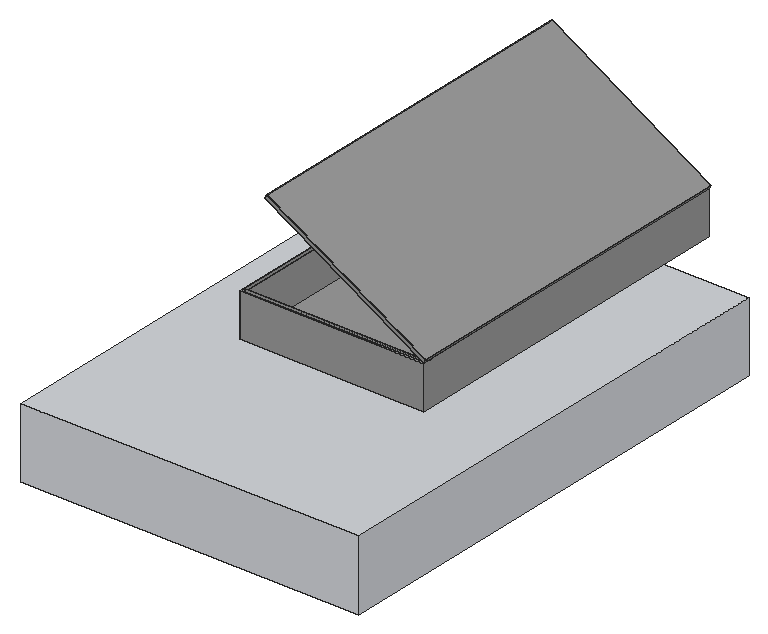
Revit family "Hager-Univers-IP44-D205-H1550-Cl.I-encl-DE-de", category Equipement électrique, Revit 2020
Family settings
  Hôte = Face
  Configuration du panneau = Deux colonnes, circuits au sein
  Cote de connecteur circulaire = Utiliser le diamètre
  Type d'élément = Tableau de raccordement
  Couper avec des vides une fois chargée = Non
  Partagée = Non
  Point de calcul de pièce = Non
Parameters (values of type "Aufputz IP44 B800 H1550 T205  - FP03TN2")
  Width Control [instance] = if([EF000008 - Breite] > Min Width, [EF000008 - Breite], Min Width)  # 800 mm
  Commentaires du type = [HG000003 - Bereich]  # "Univers"
  Thickness Door [instance] = if([EF009171 - Materialstärke Tür/Deckel] > 3 mm, 3 mm, [EF009171 - Materialstärke Tür/Deckel])  # 1 mm
  Seal Frame Offset [instance] = 17 mm  # constant formula
  Plinth Visibility [instance] = [HG000027 - Sockelhöhe] > 0 mm  # no
  Model = ""
  Min Width [instance] = 100 mm  # constant formula
  Min Height [instance] = 100 mm  # constant formula
  Min Depth [instance] = (2 * [EF009170 - Materialstärke Gehäuse]) + 1 mm  # 3 mm
  Internal Frame Depth [instance] = (Door System Depth * 0.5)  # 9 mm
  Height Control [instance] = if([EF000040 - Höhe] > Min Height, [EF000040 - Höhe], Min Height)  # 1550 mm
  HG000027 - Sockelhöhe = 0 mm
  HG000026 - Stehend auf dem Boden = no
  HG000024 - Höhe des unteren Teils = 800 mm
  HG000023 - Gehäuse mit doppeltem Querschnitt = no
  HG000016 - 3D-Türsichtbarkeit [instance] = yes
  HG000015 - Sichtbarkeit der Türöffnung [instance] = no
  HG000014 - Tür rechts [instance] = yes
  HG000013 - Tür links [instance] = not([HG000014 - Tür rechts])  # no
  HG000012 - Türschwenkwinkel [instance] = 30.00°
  HG000010 - Asymmetrische Türen = no
  HG000009 - Doppelflügeligen Tür = no
  HG000006 - Unterputz = no
  HG000004 - Herstellerreferenz = "FP03TN2"
  HG000003 - Bereich = "Univers"
  HG000002 - Mit tür = yes
  Frame Offset Bottom [instance] = 10 mm  # constant formula
  Frame Offset [instance] = 15 mm  # constant formula
  EF015940 - Deckel mit Überdruckentlastung = no
  EF011959 - Schutzart (NEMA) = ""
  EF009554 - Anzahl der Öffnungen für Flanschplatten = 6
  Fabricant = "Hager"  # constant formula
  EF009212 - Ausführung Deckel = "EV000116 - geschlossen"
  EF009171 - Materialstärke Tür/Deckel = 1 mm
  EF009170 - Materialstärke Gehäuse = 1 mm
  EF008873 - Nennstrom (In) = 250 A
  EF007800 - Geeignet für Blitzschutz = no
  EF006306 - Mit Schloss = no
  EF006244 - Transparenter Deckel/Tür = no
  EF005474 - Schutzart (IP) = "EV006418 - IP44"
  EF004464 - Art der Tür = "EV002646 - Einzel"
  EF004427 - Anzahl der Module = 360
  EF004293 - Schlagfestigkeit = "EV006815 - IK09"
  EF003532 - Geeignet für Außengebrauch = no
  EF002950 - Breite in Teilungseinheiten = 36
  EF001613 - Funktionserhalt = "EV000494 - ohne"
  EF001596 - Werkstoff des Gehäuses = "EV000179 - Stahl"
  EF001131 - Innentiefe = 205 mm
  EF001088 - Anbaumöglichkeit = yes
  EF000437 - Anzahl der Leitungseinführungen = 6
  EF000339 - Art der Abdeckung = "EV001012 - Deckel"
  EF000266 - Anzahl der Reihen = 10
  EF000218 - Einbautiefe = 205 mm
  EF000118 - Mit Montageplatte = no
  EF000116 - RAL-Nummer = "9010"
  EF000049 - Tiefe = 205 mm
  EF000040 - Höhe = 1550 mm
  EF000008 - Breite = 800 mm
  EF000007 - Farbe = "EV000202 - weiß"
  EF000003 - Montageart = "EV000384 - Aufputz"
  Door System Leaf Tolerance [instance] = 1.5 mm  # constant formula
  Door System Depth [instance] = 18 mm  # constant formula
  Door Height [instance] = Height Control - [HG000027 - Sockelhöhe]  # 1550 mm
  Depth Control [instance] = if([EF000049 - Tiefe] > Min Depth, [EF000049 - Tiefe], Min Depth)  # 205 mm
  Default Elevation = 0 mm
  Connector Offset [instance] = Height Control / 2  # 775 mm
  Bottom Top Plate Trim [instance] = 1.5 mm  # constant formula
  Plinth height Ctrl [instance] = if([HG000027 - Sockelhöhe] > 0 mm, [HG000027 - Sockelhöhe], 12 mm)  # 12 mm
Types (9, lengths in mm): name | Width Control | HG000010 - Asymmetrische Türen | HG000009 - Doppelflügeligen Tür | HG000004 - Herstellerreferenz | EF009554 - Anzahl der Öffnungen für Flanschplatten | EF008873 - Nennstrom (In) | EF004464 - Art der Tür | EF004427 - Anzahl der Module | EF002950 - Breite in Teilungseinheiten | EF000437 - Anzahl der Leitungseinführungen | EF000008 - Breite
  Aufputz IP44 B1050 H1550 T205  - FP04TN2 | 1050 | no | yes | "FP04TN2" | 8 | 400 A | "EV003602 - Doppel" | 480 | 48 | 8 | 1050
  Aufputz IP44 B1300 H1550 T205  - FP05TN | 1300 | no | yes | "FP05TN" | 10 | 400 A | "EV003602 - Doppel" | 600 | 60 | 10 | 1300
  Aufputz IP44 B1300 H1550 T205  - FP05TN2 | 1300 | yes | yes | "FP05TN2" | 10 | 400 A | "EV003602 - Doppel" | 600 | 60 | 10 | 1300
  Aufputz IP44 B300 H1550 T205  - FP01TN | 300 | no | no | "FP01TN" | 2 | 250 A | "EV002646 - Einzel" | 120 | 12 | 2 | 300
  Aufputz IP44 B300 H1550 T205  - FP01TN2 | 300 | no | no | "FP01TN2" | 2 | 250 A | "EV002646 - Einzel" | 120 | 12 | 2 | 300
  Aufputz IP44 B550 H1550 T205  - FP02TN | 550 | no | no | "FP02TN" | 4 | 250 A | "EV002646 - Einzel" | 240 | 24 | 4 | 550
  Aufputz IP44 B550 H1550 T205  - FP02TN2 | 550 | no | no | "FP02TN2" | 4 | 250 A | "EV002646 - Einzel" | 240 | 24 | 4 | 550
  Aufputz IP44 B800 H1550 T205  - FP03TN | 800 | no | no | "FP03TN" | 6 | 250 A | "EV002646 - Einzel" | 360 | 36 | 6 | 800
  Aufputz IP44 B800 H1550 T205  - FP03TN2 | 800 | no | no | "FP03TN2" | 6 | 250 A | "EV002646 - Einzel" | 360 | 36 | 6 | 800
Reference planes
  plane 1 "Center (Front/Back)": y = 0
  plane 2: z = 0
  plane 3 "Center (Left/Right)": x = 0
  plane 4: z = 205
  plane 5: y = 1
  plane 6: y = 775
  plane 7: y = 0
  plane 8: y = 1550
  plane 9: z = 0
  plane 10: x = -385
  plane 11: x = 385
  plane 12: x = 384
  plane 13: x = -384
  plane 14: y = 1549
  plane 15: x = -383
  plane 16: x = -400
  plane 17: x = 383
  plane 18: x = 400
  plane 19: x = 399
  plane 20: x = -399
  plane 21: y = 11
  plane 22: y = 1550
  plane 23: y = 1534
  plane 24: z = 187
  plane 25: z = 1
  plane 26: z = 186
  plane 27: z = 204
Forms (mm)
  Extrusion 1, solid
    sketch origin (0, 0, 0) x (1, 0, 0) y (0, 1, 0)
      loop
        line (-702.964, 1305) -> (-702.964, -811.445) -> (766.763, -811.445) -> (766.763, 1305) -> (-702.964, 1305)
    from 0 to -304.8
  Extrusion 2, solid, material "Hager_Steel_RAL7035_Light_Grey", visible <- "Plinth Visibility", detail levels medium+fine
    sketch origin (0, 0, 0) x (1, 0, 0) y (0, 1, 0)
      loop
        line (-400, 0) -> (400, 0) -> (400, 12) -> (-400, 12) -> (-400, 0)
    from 0 to 187
  Extrusion 3, solid, material "Hager_Steel_RAL7035_Light_Grey", detail levels medium+fine
    sketch origin (0, 0, 0) x (1, 0, 0) y (0, 1, 0)
      loop
        line (-400, 0) -> (400, 0) -> (400, 1550) -> (-400, 1550) -> (-400, 0)
    from 0 to 187
  Extrusion 4, void
    sketch origin (0, 0, 0) x (1, 0, 0) y (0, 1, 0)
      loop
        line (-399, 1) -> (399, 1) -> (399, 1549) -> (-399, 1549) -> (-399, 1)
    from 1 to 186
  Extrusion 5, void
    sketch origin (-381.607, -4572, 187) x (0, -1, 0) y (-1, 0, 0)
      loop
        line (-4583, 2.393) -> (-6106, 2.393) -> (-6106, -765.607) -> (-4583, -765.607) -> (-4583, 2.393)
    from 0 to 1 <- "EF009170 - Materialstärke Gehäuse"
  Extrusion 6, solid, material "Hager_Steel_RAL7035_Light_Grey", detail levels fine
    sketch origin (0, 0, 187) x (1, 0, 0) y (0, 1, 0)
      loop
        line (-384, 1534) -> (-384, 11) -> (384, 11) -> (384, 1534) -> (-384, 1534)
      loop
        line (-385, 10) -> (385, 10) -> (385, 1535) -> (-385, 1535) -> (-385, 10)
    from 0 to 9 <- "Internal Frame Depth"
  Extrusion 7, solid, material "Hager_Steel_RAL7035_Light_Grey", detail levels coarse
    sketch origin (0, 0, 0) x (1, 0, 0) y (0, 1, 0)
      loop
        line (-400, 0) -> (400, 0) -> (400, 1550) -> (-400, 1550) -> (-400, 0)
    from 0 to 205
  Sweep 8, void
    path in 3D
      loop
        line (-400, 12, 0) -> (400, 12, 0) -> (400, 12, 187) -> (-400, 12, 187) -> (-400, 12, 0)
    profile origin (-400, 12, 93.5) x (-1, 0, 0) y (0, -1, 0)
      loop
        line (0, 0) -> (0, 1.5) -> (-1.5, 1.5)
        arc (-1.5, 1.5) -> (-1.061, 0.439) -> (0, 0) r 1.5
Cuts and joins
  Extrusion 4, Extrusion 5 cuts Extrusion 3
  Sweep 8 cuts Extrusion 2
Lines and regions (mm)
  Masking region 1
    outline origin (0, 0, 0) x (1, 0, 0) y (0, 0, 1)
      loop
        line (-400, 205) -> (-400, 0) -> (400, 0) -> (400, 205) -> (-400, 205)
  Masking region 2, detail levels medium+fine
    outline origin (0, 140, 0) x (0, 1, 0) y (0, 0, 1)
      loop
        line (-140, 0) -> (1410, 0) -> (1410, 187) -> (-140, 187) -> (-140, 0)
  Masking region 3, not visible, detail levels medium+fine
    outline origin (0, 297.922, 0) x (0, 1, 0) y (0, 0, 1)
      loop
        line (488.578, 0) -> (528.578, 0) -> (528.578, 194)
        arc (528.578, 194) -> (525.649, 201.071) -> (518.578, 204) r 10
        line (518.578, 204) -> (488.578, 204) -> (488.578, 0)
  Masking region 4, detail levels coarse
    outline origin (0, 0, 180) x (0, 1, 0) y (0, 0, 1)
      loop
        line (0, -180) -> (1550, -180) -> (1550, 25) -> (0, 25) -> (0, -180)
  Masking region 5, visible <- "Plinth Visibility", detail levels medium+fine
    outline origin (0, 52.24, 12.345) x (0, 0, -1) y (0, 1, 0)
      loop
        line (10.845, -40.24) -> (-173.155, -40.24)
        arc (-173.155, -40.24) -> (-173.594, -41.301) -> (-174.655, -41.74) r 1.5
        line (-174.655, -41.74) -> (-174.655, -52.24) -> (12.345, -52.24) -> (12.345, -41.74)
        arc (12.345, -41.74) -> (11.285, -41.301) -> (10.845, -40.24) r 1.5
  Masking region 6, detail levels medium+fine
    outline origin (-381.607, -4572, 187) x (-1, 0, 0) y (0, -1, 0)
      loop
        line (18.393, -6122) -> (18.393, -4572) -> (-781.607, -4572) -> (-781.607, -6122) -> (18.393, -6122)
  Masking region 7, visible <- "Plinth Visibility", detail levels medium+fine
    outline origin (-381.607, -4727, 187) x (-1, 0, 0) y (0, -1, 0)
      loop
        arc (16.893, -4739) -> (17.332, -4737.939) -> (18.393, -4737.5) r 1.5
        line (18.393, -4737.5) -> (18.393, -4727) -> (-781.607, -4727) -> (-781.607, -4737.5)
        arc (-781.607, -4737.5) -> (-780.546, -4737.939) -> (-780.107, -4739) r 1.5
        line (-780.107, -4739) -> (16.893, -4739)
  Masking region 8, detail levels coarse
    outline origin (-442.548, -4669.526, 187) x (-1, 0, 0) y (0, -1, 0)
      loop
        line (-42.548, -6219.526) -> (-42.548, -4669.526) -> (-842.548, -4669.526) -> (-842.548, -6219.526) -> (-42.548, -6219.526)
  sketch lines
    curve 1: line (-400, 12, 187) -> (-400, 12, 0)
    curve 2: line (400, 12, 187) -> (-400, 12, 187)
    curve 3: line (400, 12, 187) -> (400, 12, 0)
    curve 4: line (-400, 12, 0) -> (400, 12, 0)
Dimensions and locks
  "Depth Control": plane 4 to Extrusion 1
  "HG000027 - Sockelhöhe": plane 1 "Center (Front/Back)" to plane 7
  "EF009170 - Materialstärke Gehäuse": plane 5 to plane 7
  locked: connector elem to plane 3 "Center (Left/Right)"
  equal spacing: plane 8, plane 6, plane 7
  locked: connector elem to plane 6
  "EF009170 - Materialstärke Gehäuse": plane 8 to plane 14
  "EF009170 - Materialstärke Gehäuse": plane 10 to plane 13
  "EF009170 - Materialstärke Gehäuse": plane 12 to plane 11
  "Frame Offset": plane 20 to plane 13
  "Frame Offset": plane 12 to plane 19
  "EF009170 - Materialstärke Gehäuse": plane 16 to plane 20
  "EF009170 - Materialstärke Gehäuse": plane 19 to plane 18
  "Seal Frame Offset": plane 16 to plane 15
  "Seal Frame Offset": plane 17 to plane 18
  "Frame Offset Bottom": plane 21 to plane 5
  "Frame Offset": plane 14 to plane 23
  equal spacing: plane 16, plane 3 "Center (Left/Right)", plane 18
  "Width Control": plane 16 to plane 18
  "EF009170 - Materialstärke Gehäuse": plane 4 to plane 27
  "EF009170 - Materialstärke Gehäuse": plane 24 to plane 26
  "EF009170 - Materialstärke Gehäuse": plane 25 to level
  "Door System Depth": plane 4 to plane 24
  "Height Control": plane 1 "Center (Front/Back)" to Extrusion 7 sketch curve
  "Height Control": Masking region 4 sketch curve to plane 1 "Center (Front/Back)"
  "Height Control": plane 1 "Center (Front/Back)" to plane 22
  "Bottom Top Plate Trim": profile plane to Sweep 8 sketch curve
  "Bottom Top Plate Trim": Sweep 8 sketch curve to profile plane
  "Plinth height Ctrl": plane 1 "Center (Front/Back)" to Extrusion 2 sketch curve
  "Plinth height Ctrl": Masking region 5 sketch curve to plane 1 "Center (Front/Back)"
  "Plinth height Ctrl": plane 1 "Center (Front/Back)" to Masking region 7 sketch curve
  "Thickness Door": Extrusion 6 sketch curve to Extrusion 6 sketch curve  (x3)
  "Thickness Door": cut or joined group of Extrusion 3, Extrusion 4, Extrusion 5 to Extrusion 6 sketch curve
  radius of Masking region 3 sketch curve = 10 mm
  "Bottom Top Plate Trim": radius of Masking region 5 sketch curve  (x2)
  "Bottom Top Plate Trim": radius of Sweep 8 sketch curve
  "Bottom Top Plate Trim": radius of Masking region 7 sketch curve  (x2)
  aligned and locked: plane 2 to Extrusion 1
  aligned and locked: level to Extrusion 1
  aligned and locked: level to Masking region 1 sketch curve
  aligned and locked: Masking region 1 sketch curve to plane 18
  aligned and locked: Masking region 1 sketch curve to plane 16
  aligned and locked: plane 7 to Masking region 2 sketch curve
  aligned and locked: level to Masking region 3 sketch curve
  aligned and locked: Masking region 3 sketch curve to plane 27
  aligned and locked: level to Masking region 2 sketch curve
  aligned and locked: plane 1 "Center (Front/Back)" to Extrusion 2 sketch curve
  aligned and locked: Extrusion 3 sketch curve to plane 7
  aligned and locked: plane 16 to Extrusion 3 sketch curve
  aligned and locked: plane 18 to Extrusion 3 sketch curve
  aligned and locked: plane 20 to Extrusion 4 sketch curve
  aligned and locked: plane 19 to Extrusion 4 sketch curve
  aligned and locked: Extrusion 4 sketch curve to plane 5
  aligned and locked: Extrusion 4 to plane 25
  aligned and locked: plane 26 to Extrusion 4
  aligned and locked: plane 24 to Extrusion 3
  aligned and locked: Extrusion 5 sketch curve to plane 21
  aligned and locked: Extrusion 5 sketch curve to plane 13
  aligned and locked: Extrusion 5 sketch curve to plane 12
  aligned and locked: plane 18 to Extrusion 7 sketch curve
  aligned and locked: plane 1 "Center (Front/Back)" to Extrusion 7 sketch curve
  aligned and locked: plane 16 to Extrusion 7 sketch curve
  aligned and locked: plane 4 to Extrusion 7
  aligned and locked: Extrusion 7 to level
  aligned and locked: level to Masking region 4 sketch curve
  aligned and locked: Masking region 4 sketch curve to plane 1 "Center (Front/Back)"
  aligned and locked: Masking region 4 sketch curve to plane 4
  aligned and locked: nested 1 to level
  aligned and locked: nested 1 to plane 16
  aligned and locked: plane 8 to Extrusion 3 sketch curve
  aligned and locked: plane 23 to Extrusion 5 sketch curve
  aligned and locked: plane 14 to Extrusion 4 sketch curve
  aligned and locked: Masking region 2 sketch curve to plane 8
  aligned and locked: level to Masking region 5 sketch curve
  aligned and locked: plane 16 to Extrusion 2 sketch curve
  aligned and locked: plane 18 to Extrusion 2 sketch curve
  aligned and locked: Masking region 5 sketch curve to plane 24
  aligned and locked: Masking region 2 sketch curve to plane 24
  aligned and locked: plane 24 to Extrusion 2
  aligned and locked: profile plane to Sweep 8 sketch curve  (x2)
  aligned and locked: Masking region 6 sketch curve to plane 18
  aligned and locked: Masking region 6 sketch curve to plane 22
  aligned and locked: Masking region 6 sketch curve to plane 16
  aligned and locked: plane 8 to plane 22
  aligned and locked: Masking region 6 sketch curve to plane 7
  aligned and locked: Masking region 7 sketch curve to plane 16
  aligned and locked: Masking region 7 sketch curve to plane 1 "Center (Front/Back)"
  aligned and locked: Masking region 7 sketch curve to plane 18
  aligned and locked: Masking region 8 sketch curve to plane 1 "Center (Front/Back)"
  aligned and locked: Masking region 8 sketch curve to plane 18
  aligned and locked: Masking region 8 sketch curve to plane 22
  aligned and locked: Masking region 8 sketch curve to plane 16
  aligned and locked: nested 2 to plane 7
  aligned and locked: plane 3 "Center (Left/Right)" to nested 2
  aligned and locked: nested 2 to plane 24
  aligned and locked: Extrusion 6 sketch curve to cut or joined group of Extrusion 3, Extrusion 4, Extrusion 5  (x4)
Automatic sketch dimensions
  Extrusion 1 sketch curve to Extrusion 1 sketch curve = 1469.727 mm
  Extrusion 1 sketch curve to Extrusion 1 sketch curve = 2116.445 mm
  Masking region 1 sketch curve to plane 4 = 0 mm
  plane 6 to Masking region 3 sketch curve = 11.5 mm
  Masking region 3 sketch curve to Masking region 3 sketch curve = 30 mm
  Masking region 5 sketch curve to plane 1 "Center (Front/Back)" = 0 mm
Nested families
  nested 1: "Hager_Enclosure_Symbol" at (-400, 0, 0) x (1, 0, 0) z (0, -1, 0), Height <- "Depth Control", Width <- "Width Control", type "Hager_Enclosure_Symbol"
    with Width_Ctrl 800 mm, Width 800 mm, Height_Ctrl 205 mm, Height 205 mm, A_Width_Int 13.453 mm, A_Width 161.438 mm, A_Height_Ctrl 179.375 mm, A_Height 179.375 mm
  nested 2: "EC000058_Univers_Door" at (0, 0, 187) x (1, 0, 0) z (0, 1, 0), Leaf_Tolerance <- "Door System Leaf Tolerance", Angle <- "HG000012 - Türschwenkwinkel", Door_Depth <- "Door System Depth", Door_Left <- "HG000013 - Tür links", Transparent <- "EF006244 - Transparenter Deckel/Tür", Assymetrical <- "HG000010 - Asymmetrische Türen", Width <- "Width Control", Clearance <- "HG000015 - Sichtbarkeit der Türöffnung", Double <- "HG000009 - Doppelflügeligen Tür", 3d_Door <- "HG000016 - 3D-Türsichtbarkeit", Lock_Visibility <- "EF006306 - Mit Schloss", Width_Ctrl <- "Width Control", Door_Right <- "HG000014 - Tür rechts", Door <- "HG000002 - Mit tür", Height <- "Door Height", Thickness <- "Thickness Door", type "EC000058_Univers_Door", detail levels medium+fine
    with min_wh 3 mm, Width_Ctrl 800 mm, Width 800 mm, Transparent no, Thickness 1 mm, Seal_Material Hager_Rubber, Lock_Visibility no, Lock_Material Hager_Plastic_RAL9005_Jet_Black, Leaf_Width 800 mm, Leaf_Tolerance_External_Sides 0 mm, Leaf_Tolerance 1.5 mm, Leaf_Offset 0 mm, Leaf_Height 1547 mm, Leaf_2_Width 800 mm, Leaf_2_Offset 400 mm, Leaf_1_Width 800 mm, Leaf_1_Offset 400 mm, Height_Ctrl 1550 mm, Height 1550 mm, Glass_Material Hager_Glass, Double_Clearance_Ctrl no, Double no, Door_Right_Ctrl yes, Door_Right yes, Door_Material Hager_Steel_RAL7035_Light_Grey, Door_Left_Ctrl no, Door_Left no, Door_Depth 18 mm, Door yes, Clearance_Material Hager_Clearance, Clearance_Depth 800 mm, Clearance_Ctrl no, Clearance no, Assymetrical no, Angle 30.00°, 3d_Door yes
Connectors
  electrical at (0, 775, 0)
    settings: on plane 9, index 1, voltage 0 V, apparent load 0 VA, apparent load phase1 0 VA, apparent load phase2 0 VA, apparent load phase3 0 VA, power factor 1, load classification "Other", number of poles 1, system type 30, power factor state 1, is connector primary yes, connector utility no, sub classification motor no, connector description ""
Definition of nested family "EC000058_Univers_Door"
  Parameters (values of type "EC000058_Univers_Door")
    min_wh [instance] = (2 * Thickness) + 1 mm  # 11 mm
    Width_Ctrl [instance] = 400 mm
    Width [instance] = 500 mm
    Transparent [instance] = yes
    Thickness [instance] = 5 mm
    Seal_Material [instance] = none
    Lock_Visibility [instance] = yes
    Lock_Material [instance] = none
    Leaf_Width [instance] = if((Width_Ctrl - 2 * Leaf_Tolerance_External_Sides) > 0 mm, (Width_Ctrl - 2 * Leaf_Tolerance_External_Sides), min_wh)  # 400 mm
    Leaf_Tolerance_External_Sides [instance] = 0 mm  # constant formula
    Leaf_Tolerance [instance] = 1.5 mm
    Leaf_Offset [instance] = 0 mm  # constant formula
    Leaf_Height [instance] = if((Height_Ctrl - 2 * Leaf_Tolerance) > 0 mm, (Height_Ctrl - 2 * Leaf_Tolerance), min_wh)  # 497 mm
    Leaf_2_Width [instance] = if(and(and(Double, Assymetrical), Door_Left), (Leaf_Width / 3) - (Leaf_Tolerance / 2), if(and(and(Double, Assymetrical), Door_Right), (Leaf_Width / 3) * 2 - (Leaf_Tolerance / 2), if(and(Double, not(Assymetrical)), (Leaf_Width / 2) - Leaf_Tolerance, Leaf_Width)))  # 400 mm
    Leaf_2_Offset [instance] = if(and(Double, Assymetrical), Leaf_2_Width / 2, if(and(Double, not(Assymetrical)), Leaf_Width / 4, Leaf_Width / 2))  # 200 mm
    Leaf_1_Width [instance] = if(and(and(Double, Assymetrical), Door_Right), (Leaf_Width / 3) - (Leaf_Tolerance / 2), if(and(and(Double, Assymetrical), Door_Left), (Width / 3) * 2 - (Leaf_Tolerance / 2), if(and(Double, not(Assymetrical)), (Leaf_Width / 2) - Leaf_Tolerance, Leaf_Width)))  # 400 mm
    Leaf_1_Offset [instance] = if(and(Double, Assymetrical), Leaf_1_Width / 2, if(and(Double, not(Assymetrical)), Leaf_Width / 4, Leaf_Width / 2))  # 200 mm
    Height_Ctrl [instance] = if(Height > min_wh, Height, min_wh)  # 500 mm
    Height [instance] = 500 mm
    Glass_Material [instance] = none
    Double_Clearance_Ctrl [instance] = and(Double, Clearance)  # no
    Double [instance] = no
    Door_Right_Ctrl [instance] = and(or(Door_Right, Double), Door)  # yes
    Door_Right [instance] = yes
    Door_Material [instance] = none
    Door_Left_Ctrl [instance] = and(or(Door_Left, Double), Door)  # no
    Door_Left [instance] = no
    Door_Depth [instance] = 30 mm
    Door [instance] = yes
    Default Elevation = 1219.2 mm
    Clearance_Material [instance] = none
    Clearance_Depth [instance] = if(Leaf_1_Width > Leaf_2_Width, Leaf_1_Width, Leaf_2_Width)  # 400 mm
    Clearance_Ctrl [instance] = and(not(Double), Clearance)  # yes
    Clearance [instance] = yes
    Assymetrical [instance] = yes
    Angle [instance] = 30.00°
    3d_Door [instance] = yes
  Reference planes
    plane 1 "Center (Front/Back)": y = 0
    plane 2 "Bottom": z = 0
    plane 3 "Center (Left/Right)": x = 0
    plane 4: z = 500
    plane 5: x = -200
    plane 6: x = 200
    plane 7: z = 500
    plane 8: x = -200
    plane 9: z = 0
    plane 10: x = 200
    plane 11: y = 0
    plane 12: z = 1.5
    plane 13: x = -600
    plane 14: y = -400
    plane 15: x = 600
    plane 16: x = 0
    plane 17: x = 0
    plane 18: x = -200
    plane 19: x = 200
    plane 20: z = 498.5
  Forms (mm)
    Extrusion 1, solid, material <- "Clearance_Material", visible <- "Double_Clearance_Ctrl"
      sketch origin (1200, 0, 0) x (1, 0, 0) y (0, 0, -1)
        loop
          line (-1800, -498.5) -> (-600, -498.5) -> (-600, 0) -> (-1800, 0) -> (-1800, -498.5)
      from 0 to -400
  Dimensions and locks
    equal spacing: plane 5, plane 3 "Center (Left/Right)", plane 6
    "Width_Ctrl": plane 5 to plane 6
    "Leaf_Offset": plane 5 to plane 8
    "Leaf_Offset": plane 6 to plane 10
    "Leaf_Offset": plane 9 to level
    "Leaf_Offset": plane 4 to plane 7
    "Height_Ctrl": plane 4 to level
    "Leaf_Tolerance": plane 12 to plane 9
    locked: plane 11 to plane 1 "Center (Front/Back)"
    "Leaf_1_Offset": plane 18 to plane 16
    "Leaf_2_Offset": plane 17 to plane 19
    "Leaf_1_Width": plane 13 to plane 8
    "Leaf_2_Width": plane 10 to plane 15
    "Clearance_Depth": plane 14 to plane 1 "Center (Front/Back)"
    "Leaf_Tolerance_External_Sides": plane 8 to plane 18
    "Leaf_Tolerance_External_Sides": plane 19 to plane 10
    "Leaf_Tolerance": plane 7 to plane 20
    aligned and locked: level to plane 2 "Bottom"
    aligned and locked: nested 1 to plane 16
    aligned and locked: nested 2 to plane 17
    aligned and locked: Extrusion 1 to plane 13
    aligned and locked: plane 15 to Extrusion 1
    aligned and locked: Extrusion 1 to plane 14
    aligned and locked: plane 12 to nested 1
    aligned and locked: nested 2 to plane 12
    aligned and locked: Extrusion 1 to plane 11
    aligned and locked: plane 20 to Extrusion 1
    aligned and locked: nested 2 to plane 11
    aligned and locked: nested 1 to plane 11
  Automatic sketch dimensions
    Extrusion 1 sketch curve to level = 0 mm
    plane 5 to Extrusion 1 sketch curve = 400 mm
    plane 6 to Extrusion 1 sketch curve = 400 mm
    Extrusion 1 sketch curve to plane 4 = 1.5 mm
  Nested families
    nested 1: "EC000058_Univers_Door_Leaf" at (0, 0, 1.5), Width <- "Leaf_1_Width", visible <- "Door_Left_Ctrl", Leaf_Height <- "Leaf_Height", Angle <- "Angle", 3d_Door <- "3d_Door", Transparent <- "Transparent", Clearance Material <- "Clearance_Material", Clearance <- "Clearance_Ctrl", Door_Material <- "Door_Material", Glass_Material <- "Glass_Material", Door_Depth <- "Door_Depth", Lock_Material <- "Lock_Material", Seal_Material <- "Seal_Material", Lock_Visibility <- "Lock_Visibility", Thickness <- "Thickness", type "EC000058_Univers_Door_Leaf"
      with Width 400 mm, Transparent_Glass_Offset 30 mm, Transparent_Ctrl yes, Transparent yes, Thickness 5 mm, Standard no, Seal_Material none, Seal_D2 8 mm, Seal_D1 1 mm, Offset_Internal_Frame 10 mm, Lock_Width 20 mm, Lock_Visibility_3d yes, Lock_Visibility yes, Lock_Thickness_3 3 mm, Lock_Thickness_2 1 mm, Lock_Thickness_1 3 mm, Lock_Radius_Offset_2 16 mm, Lock_Radius_Offset_1 15 mm, Lock_Radius_2 5 mm, Lock_Radius 6 mm, Lock_Offset 5 mm, Lock_Material none, Lock_Height 80 mm, Lock_Cover_Top_Offset_2d 17 mm, Lock_Cover_Height -65 mm, Leaf_Height 497 mm, Internal_Seal_Thickness 8 mm, Internal_Seal_Depth_2 4.5 mm, Internal_Frame_Depth 25 mm, Glass_Thickness -1 mm, Glass_Offset -2 mm, Glass_Material none, Door_Material none, Door_Depth 30 mm, Clearance Material none, Clearance yes, Angle_Ctrl 30.00°, Angle 30.00°, 3d_Door yes
    nested 2: "EC000058_Univers_Door_Leaf" at (0, 0, 1.5) x (-1, 0, 0) z (0, 0, 1), Width <- "Leaf_2_Width", visible <- "Door_Right_Ctrl", Leaf_Height <- "Leaf_Height", Angle <- "Angle", 3d_Door <- "3d_Door", Transparent <- "Transparent", Clearance Material <- "Clearance_Material", Clearance <- "Clearance_Ctrl", Door_Material <- "Door_Material", Glass_Material <- "Glass_Material", Door_Depth <- "Door_Depth", Lock_Material <- "Lock_Material", Seal_Material <- "Seal_Material", Lock_Visibility <- "Lock_Visibility", Thickness <- "Thickness", type "EC000058_Univers_Door_Leaf"
      with Width 400 mm, Transparent_Glass_Offset 30 mm, Transparent_Ctrl yes, Transparent yes, Thickness 5 mm, Standard no, Seal_Material none, Seal_D2 8 mm, Seal_D1 1 mm, Offset_Internal_Frame 10 mm, Lock_Width 20 mm, Lock_Visibility_3d yes, Lock_Visibility yes, Lock_Thickness_3 3 mm, Lock_Thickness_2 1 mm, Lock_Thickness_1 3 mm, Lock_Radius_Offset_2 16 mm, Lock_Radius_Offset_1 15 mm, Lock_Radius_2 5 mm, Lock_Radius 6 mm, Lock_Offset 5 mm, Lock_Material none, Lock_Height 80 mm, Lock_Cover_Top_Offset_2d 17 mm, Lock_Cover_Height -65 mm, Leaf_Height 497 mm, Internal_Seal_Thickness 8 mm, Internal_Seal_Depth_2 4.5 mm, Internal_Frame_Depth 25 mm, Glass_Thickness -1 mm, Glass_Offset -2 mm, Glass_Material none, Door_Material none, Door_Depth 30 mm, Clearance Material none, Clearance yes, Angle_Ctrl 30.00°, Angle 30.00°, 3d_Door yes
  Definition of nested family "EC000058_Univers_Door_Leaf"
    Parameters (values of type "EC000058_Univers_Door_Leaf")
      Width [instance] = 2000 mm
      Transparent_Glass_Offset [instance] = 30 mm
      Transparent_Ctrl [instance] = and(Transparent, [3d_Door])  # yes
      Transparent [instance] = yes
      Thickness [instance] = 5 mm
      Standard [instance] = and(not(Transparent), [3d_Door])  # no
      Seal_Material [instance] = none
      Seal_D2 [instance] = 8 mm  # constant formula
      Seal_D1 [instance] = 1 mm  # constant formula
      Offset_Internal_Frame [instance] = 10 mm  # constant formula
      Lock_Width [instance] = 20 mm  # constant formula
      Lock_Visibility_3d [instance] = and(Lock_Visibility, [3d_Door])  # yes
      Lock_Visibility [instance] = yes
      Lock_Thickness_3 [instance] = 3 mm  # constant formula
      Lock_Thickness_2 [instance] = 1 mm  # constant formula
      Lock_Thickness_1 [instance] = 3 mm  # constant formula
      Lock_Radius_Offset_2 [instance] = Lock_Radius_Offset_1 + 1 mm  # 16 mm
      Lock_Radius_Offset_1 [instance] = 15 mm  # constant formula
      Lock_Radius_2 [instance] = Lock_Radius - 1 mm  # 5 mm
      Lock_Radius [instance] = 6 mm  # constant formula
      Lock_Offset [instance] = 5 mm  # constant formula
      Lock_Material [instance] = none
      Lock_Height [instance] = 80 mm  # constant formula
      Lock_Cover_Top_Offset_2d [instance] = Lock_Radius_Offset_2 + 1 mm  # 17 mm
      Lock_Cover_Height [instance] = -(Lock_Height - Lock_Radius_Offset_1)  # -65 mm
      Leaf_Height [instance] = 2720.336 mm
      Internal_Seal_Thickness [instance] = 8 mm  # constant formula
      Internal_Seal_Depth_2 [instance] = 4.5 mm  # constant formula
      Internal_Frame_Depth [instance] = if(Door_Depth - Thickness > 5 mm, Door_Depth - Thickness, 5 mm)  # 25 mm
      Glass_Thickness [instance] = if(Thickness > 15 mm, Glass_Offset + 10 mm, -1 mm)  # -1 mm
      Glass_Offset [instance] = if(Thickness > 15 mm, -(Thickness + 10 mm) / 2, -2 mm)  # -2 mm
      Glass_Material [instance] = none
      Door_Material [instance] = none
      Door_Depth [instance] = 30 mm
      Default Elevation = 0 mm
      Clearance Material [instance] = none
      Clearance [instance] = yes
      Angle_Ctrl [instance] = if(Angle > 180.00°, 180.00°, Angle)  # 90.00°
      Angle [instance] = 90.00°
      3d_Door [instance] = yes
    Reference planes
      plane 1 "Center (Front/Back)": y = 0
      plane 2: z = 0
      plane 3 "Center (Left/Right)": x = 0
      plane 4: y = 2000
      plane 5: x = -1000
      plane 6: x = 1000
      plane 7: x = -3000
      plane 8: z = 2720.336
      plane 9: z = 30
      plane 10: z = 2690.336
      plane 11: x = 970
      plane 12: x = -970
      plane 13: y = -3
      plane 14: z = 107.833
      plane 15: y = -5
      plane 16: y = -223.314
      plane 17: x = -1000
      plane 18: z = 1360.168
      plane 19: y = 30
    Forms (mm)
      Extrusion 1, solid, material <- "Clearance Material", visible <- "Clearance"
        sketch origin (0, 0, 0) x (1, 0, 0) y (0, 0, 1)
          loop
            line (-3000, 2720.336) -> (-3000, 0) -> (1000, 0) -> (1000, 2720.336) -> (-3000, 2720.336)
        from 0 to -2000
      Extrusion 2, solid, material <- "Door_Material", visible <- "Standard", detail levels medium+fine
        sketch origin (-1000, 0, 0) x (0, 1, 0) y (-1, 0, 0)
          loop
            line (0, 30) -> (0, 25) -> (2000, 25) -> (2000, 30) -> (0, 30)
        from 0 to 2720.336 <- "Leaf_Height"
      Extrusion 3, solid, material <- "Door_Material", visible <- "Transparent_Ctrl", detail levels medium+fine
        sketch origin (-1000, 0, 0) x (0, 1, 0) y (-1, 0, 0)
          loop
            line (0, 25) -> (2000, 25) -> (2000, 30) -> (0, 30) -> (0, 25)
        from 0 to 2720.336 <- "Leaf_Height"
      Extrusion 4, void
        sketch origin (-1025, 2000, 0) x (0, 1, 0) y (0, 0, -1)
          loop
            line (-30, -2690.336) -> (-30, -30) -> (-1970, -30) -> (-1970, -2690.336) -> (-30, -2690.336)
        from 0 to 5 <- "Thickness"
      Sweep 5, solid, material <- "Seal_Material", visible <- "Transparent_Ctrl", detail levels fine
        path in 3D
          loop
            line (-1025, 30, 30) -> (-1025, 30, 2690.336) -> (-1025, 1970, 2690.336) -> (-1025, 1970, 30) -> (-1025, 30, 30)
        profile origin (-1025, 1000, 30) x (1, 0, 0) y (0, 0, 1)
          loop
            line (0, 0) -> (0, -8) -> (1, -8) -> (1, 0) -> (0, 0)
      Extrusion 6, solid, material <- "Glass_Material", visible <- "Transparent_Ctrl", detail levels medium+fine
        sketch origin (-1030, 0, 0) x (0, 1, 0) y (0, 0, -1)
          loop
            line (1970, -2690.336) -> (1970, -30) -> (30, -30) -> (30, -2690.336) -> (1970, -2690.336)
        from -2 <- "Glass_Offset" to -1 <- "Glass_Thickness"
      Extrusion 7, solid, material <- "Door_Material", visible <- "3d_Door", detail levels medium+fine
        sketch origin (-1025, 2000, 0) x (0, -1, 0) y (0, 0, -1)
          loop
            line (0, -2720.336) -> (2000, -2720.336) -> (2000, 0) -> (0, 0) -> (0, -2720.336)
          loop
            line (1995, -5) -> (5, -5) -> (5, -2715.336) -> (1995, -2715.336) -> (1995, -5)
        from 0 to 25 <- "Internal_Frame_Depth"
      Sweep 8, solid, material <- "Seal_Material", visible <- "Transparent_Ctrl", detail levels fine
        path in 3D
          loop
            line (-1025, 0, 0) -> (-1025, 2000, 0) -> (-1025, 2000, 2720.336) -> (-1025, 0, 2720.336) -> (-1025, 0, 0)
        profile origin (-1025, 0, 1360.168) x (1, 0, 0) y (0, 1, 0)
          loop
            line (0, 10) -> (2.975, 10)
            arc (2.975, 10) -> (4.053, 10.447) -> (4.5, 11.525) r 1.525
            line (4.5, 11.525) -> (4.5, 16.527)
            arc (4.5, 16.527) -> (4.069, 17.569) -> (3.027, 18) r 1.473
            line (3.027, 18) -> (0, 18) -> (0, 10)
      Extrusion 9, solid, material <- "Lock_Material", visible <- "Lock_Visibility_3d", detail levels fine
        sketch origin (-1030, 0, 0) x (0, 1, 0) y (0, 0, -1)
          loop
            arc (1993.5, -1400.168) -> (1994.561, -1399.729) -> (1995, -1398.668) r 1.5
            line (1995, -1398.668) -> (1995, -1320.168) -> (1975, -1320.168) -> (1975, -1398.668)
            arc (1975, -1398.668) -> (1975.439, -1399.729) -> (1976.5, -1400.168) r 1.5
            line (1976.5, -1400.168) -> (1993.5, -1400.168)
        from 3 <- "Lock_Thickness_1" to 0
      Blend 10, solid, material <- "Lock_Material", visible <- "Lock_Visibility_3d", detail levels fine
        base sketch origin (-1033, 0, 0) x (0, 1, 0) y (0, 0, -1)
          loop
            line (1975, -1320.168) -> (1975, -1398.668)
            arc (1975, -1398.668) -> (1975.439, -1399.729) -> (1976.5, -1400.168) r 1.5
            line (1976.5, -1400.168) -> (1993.5, -1400.168)
            arc (1993.5, -1400.168) -> (1994.561, -1399.729) -> (1995, -1398.668) r 1.5
            line (1995, -1398.668) -> (1995, -1320.168) -> (1975, -1320.168)
        top sketch origin (-1033, 0, 0) x (0, 1, 0) y (0, 0, -1)
          loop
            line (1976, -1320.168) -> (1976, -1398.668)
            arc (1976, -1398.668) -> (1976.146, -1399.022) -> (1976.5, -1399.168) r 0.5
            line (1976.5, -1399.168) -> (1993.5, -1399.168)
            arc (1993.5, -1399.168) -> (1993.854, -1399.022) -> (1994, -1398.668) r 0.5
            line (1994, -1398.668) -> (1994, -1320.168) -> (1976, -1320.168)
        from 0 to 1 <- "Lock_Thickness_2"
      Blend 11, solid, material <- "Lock_Material", visible <- "Lock_Visibility_3d", detail levels fine
        base sketch origin (-1034, 0, 0) x (0, 1, 0) y (0, 0, -1)
          loop
            line (1978, -1320.168) -> (1978, -1384.168)
            arc (1978, -1384.168) -> (1985, -1391.168) -> (1992, -1384.168) r 7
            line (1992, -1384.168) -> (1992, -1320.168) -> (1978, -1320.168)
        top sketch origin (-1034, 0, 0) x (0, 1, 0) y (0, 0, -1)
          loop
            line (1991, -1320.168) -> (1979, -1320.168) -> (1979, -1383.168)
            arc (1979, -1383.168) -> (1985, -1389.168) -> (1991, -1383.168) r 6
            line (1991, -1383.168) -> (1991, -1320.168)
        from 0 to 3 <- "Lock_Thickness_3"
      Extrusion 12, solid, material <- "Lock_Material", visible <- "Lock_Visibility_3d", detail levels fine
        sketch origin (-1030, 1975, 1320.168) x (1, 0, 0) y (0, -1, 0)
          loop
            line (-7, -19) -> (-7, -1) -> (0, -1) -> (0, 0) -> (-8, 0) -> (-8, -20) -> (0, -20) -> (0, -19) -> (-7, -19)
        from 0 to -65 <- "Lock_Cover_Height"
      Extrusion 13, void
        sketch origin (-1038, 1995, 1320.168) x (-1, 0, 0) y (0, 0, -1)
          loop
            line (-5, -65) -> (0, -65) -> (-5, -60) -> (-5, -65)
        from 0 to 20 <- "Lock_Width"
      Extrusion 14, void
        sketch origin (-1038, 1975, 1320.168) x (0, -1, 0) y (0, 0, -1)
          loop
            circle (-10, -15.995) r 6
          loop
            circle (-10, -15.995) r 5
        from 0 to 2
      Extrusion 15, solid, material <- "Lock_Material", visible <- "Lock_Visibility_3d", detail levels medium
        sketch origin (-1030, 0, 0) x (0, 1, 0) y (0, 0, -1)
          loop
            arc (1993.5, -1400.168) -> (1994.561, -1399.729) -> (1995, -1398.668) r 1.5
            line (1995, -1398.668) -> (1995, -1320.168) -> (1975, -1320.168) -> (1975, -1398.668)
            arc (1975, -1398.668) -> (1975.439, -1399.729) -> (1976.5, -1400.168) r 1.5
            line (1976.5, -1400.168) -> (1993.5, -1400.168)
        from 8 to 0
    Cuts and joins
      Extrusion 4 cuts Extrusion 3
      Extrusion 13, Extrusion 14 cuts Extrusion 9
      Extrusion 14 cuts Blend 11
      Extrusion 13, Extrusion 14 cuts Extrusion 12
      joined: Extrusion 9, Blend 10, Blend 11, Extrusion 12
      Extrusion 14 cuts Extrusion 15
    Lines and regions (mm)
      Masking region 1, visible <- "Lock_Visibility", detail levels fine
        outline origin (0, 0, 0) x (0, 1, 0) y (0, 0, 1)
          loop
            line (30, 1320.168) -> (33, 1320.168) -> (33, 1400.168) -> (30, 1400.168) -> (30, 1320.168)
      Masking region 2, visible <- "Lock_Visibility", detail levels fine
        outline origin (0, 3.143, 0) x (0, 1, 0) y (0, 0, 1)
          loop
            line (29.857, 1354.168) -> (30.857, 1354.168) -> (30.857, 1366.168) -> (29.857, 1366.168) -> (29.857, 1354.168)
      Masking region 3, detail levels medium+fine
        outline origin (0, 0, 0) x (0, 1, 0) y (0, 0, 1)
          loop
            line (0, 0) -> (30, 0) -> (30, 2720.336) -> (0, 2720.336) -> (0, 0)
      Masking region 4, detail levels medium+fine
        outline origin (0, 0, 0) x (1, 0, 0) y (0, 0, 1)
          loop
            line (-1000, 2720.336) -> (-1000, 0) -> (1000, 0) -> (1000, 2720.336) -> (-1000, 2720.336)
      Masking region 5, visible <- "Lock_Visibility", detail levels fine
        outline origin (-47.116, 0, 0) x (1, 0, 0) y (0, 0, 1)
          loop
            arc (1024.616, 1399.168) -> (1023.556, 1398.729) -> (1023.116, 1397.668) r 1.5
            line (1023.116, 1397.668) -> (1023.116, 1320.168) -> (1041.116, 1320.168) -> (1041.116, 1397.668)
            arc (1041.116, 1397.668) -> (1040.677, 1398.729) -> (1039.616, 1399.168) r 1.5
            line (1039.616, 1399.168) -> (1024.616, 1399.168)
      Masking region 6, visible <- "Lock_Visibility", detail levels medium+fine
        outline origin (-25, 0, 0) x (1, 0, 0) y (0, 0, 1)
          loop
            arc (1001.5, 1400.168) -> (1000.439, 1399.729) -> (1000, 1398.668) r 1.5
            line (1000, 1398.668) -> (1000, 1320.168) -> (1020, 1320.168) -> (1020, 1398.668)
            arc (1020, 1398.668) -> (1019.561, 1399.729) -> (1018.5, 1400.168) r 1.5
            line (1018.5, 1400.168) -> (1001.5, 1400.168)
      Masking region 7, visible <- "Lock_Visibility", detail levels fine
        outline origin (-73.735, 0, 0) x (1, 0, 0) y (0, 0, 1)
          loop
            line (1051.735, 1382.168) -> (1065.735, 1382.168) -> (1065.735, 1384.168)
            arc (1065.735, 1384.168) -> (1058.735, 1391.168) -> (1051.735, 1384.168) r 7
            line (1051.735, 1384.168) -> (1051.735, 1382.168)
      Masking region 8, visible <- "Lock_Visibility", detail levels fine
        outline origin (-73.735, 0, 0) x (1, 0, 0) y (0, 0, 1)
          loop
            line (1052.735, 1382.168) -> (1064.735, 1382.168) -> (1064.735, 1383.168)
            arc (1064.735, 1383.168) -> (1058.735, 1389.168) -> (1052.735, 1383.168) r 6
            line (1052.735, 1383.168) -> (1052.735, 1382.168)
      Masking region 9, visible <- "Lock_Visibility", detail levels fine
        outline origin (-25, 0, 0) x (1, 0, 0) y (0, 0, 1)
          loop
            line (1020, 1320.168) -> (1020, 1382.168) -> (1000, 1382.168) -> (1000, 1320.168) -> (1020, 1320.168)
      Masking region 10, detail levels medium+fine
        outline origin (0, 0, 0) x (1, 0, 0) y (0, 0, 1)
          loop
            circle (985, 1335.144) r 6
      Masking region 11, detail levels fine
        outline origin (0, 0, 0) x (1, 0, 0) y (0, 0, 1)
          loop
            circle (985, 1335.144) r 5
      Masking region 12, visible <- "Lock_Visibility", detail levels fine
        outline origin (0, 12.767, 0) x (0, 1, 0) y (0, 0, 1)
          loop
            line (20.233, 1320.168) -> (21.233, 1320.168) -> (21.233, 1399.168) -> (20.233, 1400.168) -> (20.233, 1320.168)
      Masking region 13, visible <- "Lock_Visibility", detail levels fine
        outline origin (0, 13.767, -10) x (0, 1, 0) y (0, 0, 1)
          loop
            line (20.233, 1330.168) -> (23.233, 1330.168) -> (23.233, 1399.168) -> (20.233, 1402.168) -> (20.233, 1330.168)
      Masking region 14, visible <- "Lock_Visibility", detail levels fine
        outline origin (0, 12.767, -10) x (0, 1, 0) y (0, 0, 1)
          loop
            line (20.233, 1330.168) -> (25.233, 1330.168) -> (25.233, 1399.305) -> (20.233, 1394.305) -> (20.233, 1330.168)
      Masking region 15, visible <- "Lock_Visibility", detail levels medium
        outline origin (0, 0, 0) x (0, 1, 0) y (0, 0, 1)
          loop
            line (30, 1320.168) -> (38, 1320.168) -> (38, 1400.168) -> (30, 1400.168) -> (30, 1320.168)
      Masking region 16, visible <- "Lock_Visibility", detail levels fine
        outline origin (-1000, 0, 0) x (0, 1, 0) y (-1, 0, 0)
          loop
            line (1975, 30) -> (1995, 30) -> (1995, 38) -> (1975, 38) -> (1975, 30)
          loop
            line (1979, 37) -> (1976, 37) -> (1976, 34) -> (1978, 34) -> (1979, 37)
          loop
            line (1994, 37) -> (1991, 37) -> (1992, 34) -> (1994, 34) -> (1994, 37)
      Masking region 17, visible <- "Lock_Visibility", detail levels medium
        outline origin (-1000, 0, 0) x (0, 1, 0) y (-1, 0, 0)
          loop
            line (1975, 30) -> (1995, 30) -> (1995, 38) -> (1975, 38) -> (1975, 30)
      symbolic lines
        curve 1: line (1000, 0, 0) -> (-3000, 0, 0)
        curve 2: arc (1000, 0, 0) -> (-1000, 2000, 0) -> (-3000, 0, 0) r 2000
        curve 4: line (-1030, 0, 0) -> (-1030, 2000, 0)
      reference lines
        curve 3: line (-1000, 0, 0) -> (-1000, 2000, 0)
      symbolic lines, detail levels medium+fine
        curve 5: line (-1030, 2000, 0) -> (-1025, 2000, 0)
        curve 7: line (-1025, 0, 0) -> (-1030, 0, 0)
        curve 8: line (-1025, 0, 0) -> (-1000, 0, 0)
        curve 9: line (-1000, 0, 0) -> (-1000, 2000, 0)
        curve 10: line (-1000, 2000, 0) -> (-1025, 2000, 0)
      symbolic lines, detail levels fine
        curve 6: line (-1025, 2000, 0) -> (-1025, 0, 0)
      sketch lines
        curve 11: line (-1025, 0, 2720.336) -> (-1025, 0, 0)
        curve 12: line (-1025, 2000, 0) -> (-1025, 0, 0)
        curve 13: line (-1025, 2000, 2720.336) -> (-1025, 2000, 0)
        curve 14: line (-1025, 0, 2720.336) -> (-1025, 2000, 2720.336)
        curve 15: line (-1025, 1970, 30) -> (-1025, 30, 30)
        curve 16: line (-1025, 30, 30) -> (-1025, 30, 2690.336)
        curve 17: line (-1025, 1970, 2690.336) -> (-1025, 1970, 30)
        curve 18: line (-1025, 30, 2690.336) -> (-1025, 1970, 2690.336)
      symbolic lines, visible <- "Transparent", detail levels medium+fine
        curve 19: line (-970, 0, 2690.336) -> (970, 0, 2690.336)
        curve 20: line (-970, 0, 30) -> (-970, 0, 2690.336)
        curve 21: line (970, 0, 30) -> (-970, 0, 30)
        curve 22: line (970, 0, 2690.336) -> (970, 0, 30)
    Dimensions and locks
      "Width": plane 1 "Center (Front/Back)" to plane 4
      equal spacing: plane 5, plane 3 "Center (Left/Right)", plane 6
      "Width": plane 5 to plane 6
      "Width": plane 7 to plane 5
      "Leaf_Height": plane 8 to level
      "Width": curve 5 to curve 3
      "Width": curve 3 to curve 3
      plane 8 to plane 10 = 30 mm
      plane 9 to level = 30 mm
      plane 12 to plane 5 = 30 mm
      plane 6 to plane 11 = 30 mm
      Extrusion 1 to Extrusion 4 sketch curve = 30 mm
      "Transparent_Glass_Offset": curve 3 to Extrusion 4 sketch curve
      "Transparent_Glass_Offset": Extrusion 4 sketch curve to cut or joined group of Extrusion 3, Extrusion 4  (x2)
      cut or joined group of Extrusion 3, Extrusion 4 to Extrusion 6 sketch curve = 30 mm
      "Transparent_Glass_Offset": cut or joined group of Extrusion 3, Extrusion 4 to Extrusion 4 sketch curve
      "Thickness": curve 6 to curve 4
      "Thickness": Extrusion 7 sketch curve to Extrusion 7 sketch curve  (x4)
      "Door_Depth": curve 4 to curve 3
      "Offset_Internal_Frame": profile plane to Sweep 8 sketch curve
      "Internal_Seal_Thickness": Sweep 8 sketch curve to Sweep 8 sketch curve
      "Internal_Seal_Depth_2": profile plane to Sweep 8 sketch curve
      "Seal_D1": profile plane to Sweep 5 sketch curve
      "Seal_D2": profile plane to Sweep 5 sketch curve
      "Thickness": Extrusion 2 sketch curve to Extrusion 2 sketch curve
      equal spacing: Extrusion 9 sketch curve, plane 18, Extrusion 9 sketch curve  (x2)
      equal spacing: Masking region 1 sketch curve, plane 18, Masking region 1 sketch curve
      "Lock_Height": Masking region 1 sketch curve to Masking region 1 sketch curve
      "Lock_Radius": Masking region 2 sketch curve to plane 18 to Masking region 2 sketch curve
      Masking region 2 sketch curve to Masking region 1 = 1 mm
      "Door_Depth": plane 19 to plane 1 "Center (Front/Back)"
      "Lock_Thickness_1": Masking region 1 sketch curve to plane 19
      "Lock_Width": Extrusion 9 sketch curve to Extrusion 9 sketch curve
      "Lock_Height": Extrusion 9 sketch curve to Extrusion 9 sketch curve
      "Lock_Offset": cut or joined group of Extrusion 3, Extrusion 4 to Extrusion 9 sketch curve
      equal spacing: plane 8, plane 18, level
      "Lock_Radius_Offset_1": Blend 11 sketch curve to Blend 10
      locked: Blend 10 to Blend 11 sketch curve at 2  (x2)
      locked: var sketch to Blend 11 sketch curve at 1  (x2)
      "Lock_Radius_Offset_2": Blend 11 sketch curve to Blend 10
      locked: Extrusion 12 sketch curve to Extrusion 12 sketch curve at 1  (x3)
      Masking region 6 sketch curve to Masking region 6 sketch curve = 80 mm
      "Lock_Height": Masking region 6 sketch curve to Masking region 6 sketch curve
      "Lock_Width": Masking region 6 sketch curve to Masking region 6 sketch curve
      locked: Masking region 6 to Masking region 5 sketch curve at 1  (x3)
      locked: Masking region 5 to Masking region 7 sketch curve at 2  (x2)
      "Lock_Radius_Offset_1": Masking region 5 to Masking region 7 sketch curve
      "Lock_Radius_Offset_2": Masking region 5 to Masking region 8 sketch curve
      locked: Masking region 7 to Masking region 8 sketch curve at 1  (x2)
      "Lock_Cover_Top_Offset_2d": Masking region 5 to Masking region 9 sketch curve
      equal spacing: Masking region 9, Masking region 10 sketch curve, Masking region 9
      equal spacing: Masking region 9, Masking region 11 sketch curve, Masking region 9
      Extrusion 15 sketch curve to Extrusion 15 sketch curve = 80 mm
      "Lock_Width": Extrusion 15 sketch curve to Extrusion 15 sketch curve
      "Lock_Height": Extrusion 15 sketch curve to Extrusion 15 sketch curve
      equal spacing: Extrusion 15 sketch curve, plane 18, Extrusion 15 sketch curve
      "Lock_Thickness_3": Masking region 13 sketch curve to Masking region 13 sketch curve
      "Lock_Height": Masking region 12 sketch curve to Masking region 12 sketch curve
      locked: Masking region 13 sketch curve to Masking region 1 at 8
      locked: Masking region 14 sketch curve to Masking region 13 at 1
      locked: Masking region 14 sketch curve to Masking region 1 at 10.863
      "Lock_Height": Masking region 15 sketch curve to Masking region 15 sketch curve
      "Lock_Offset": Extrusion 15 sketch curve to cut or joined group of Extrusion 3, Extrusion 4
      "Lock_Offset": plane 6 to Masking region 6 sketch curve
      radius of Sweep 8 sketch curve = 1.525 mm
      radius of Sweep 8 sketch curve = 1.473 mm
      radius of Extrusion 9 sketch curve = 1.5 mm  (x2)
      "Lock_Radius": radius of Extrusion 14 sketch curve
      "Lock_Radius_2": radius of Extrusion 14 sketch curve
      "Lock_Radius": radius of Masking region 10 sketch curve
      "Lock_Radius_2": radius of Masking region 11 sketch curve
      radius of Extrusion 15 sketch curve = 1.5 mm  (x2)
      "Angle_Ctrl": angle plane 1 "Center (Front/Back)" to curve 3
      locked: Masking region 12 sketch curve to Masking region 12 sketch curve (angle 45.00°)
      locked: Masking region 13 sketch curve to Masking region 13 sketch curve (angle 45.00°)
      locked: Masking region 14 sketch curve to Masking region 14 sketch curve (angle 45.00°)
      aligned and locked: level to plane 2
      aligned and locked: Extrusion 1 to curve 1
      aligned and locked: plane 6 to Extrusion 1
      aligned and locked: Extrusion 1 to plane 1 "Center (Front/Back)"
      aligned and locked: plane 4 to Extrusion 1
      aligned and locked: plane 8 to Extrusion 1
      aligned and locked: curve 7 to Extrusion 2 sketch curve
      aligned and locked: curve 5 to Extrusion 2 sketch curve
      aligned and locked: curve 7 to Extrusion 3 sketch curve
      aligned and locked: Extrusion 3 sketch curve to curve 4
      aligned and locked: Extrusion 3 sketch curve to curve 6
      aligned and locked: Extrusion 3 sketch curve to curve 5
      aligned and locked: curve 9 to curve 3
      aligned and locked: Extrusion 7 sketch curve to cut or joined group of Extrusion 3, Extrusion 4  (x4)
      aligned and locked: plane 17 to curve 3
      aligned and locked: plane 1 "Center (Front/Back)" to curve 3
      aligned and locked: plane 17 to plane 5
      aligned and locked: Sweep 8 sketch curve to profile plane
      aligned and locked: Sweep 5 sketch curve to profile plane  (x2)
      aligned and locked: Masking region 1 to Masking region 2 sketch curve
      aligned and locked: plane 19 to Masking region 1 sketch curve
      aligned and locked: plane 1 "Center (Front/Back)" to Masking region 3 sketch curve
      aligned and locked: plane 19 to Masking region 3 sketch curve
      aligned and locked: level to Masking region 3 sketch curve
      aligned and locked: Masking region 3 sketch curve to plane 8
      aligned and locked: plane 17 to Masking region 4 sketch curve
      aligned and locked: level to Masking region 4 sketch curve
      aligned and locked: Masking region 4 sketch curve to plane 8
      aligned and locked: plane 12 to curve 20
      aligned and locked: plane 10 to curve 19
      aligned and locked: plane 11 to curve 22
      aligned and locked: curve 21 to plane 9
      aligned and locked: Extrusion 2 sketch curve to cut or joined group of Extrusion 3, Extrusion 4
      aligned and locked: Blend 10 sketch curve to Extrusion 9  (x4)
      aligned and locked: Extrusion 9 to Blend 10 sketch curve
      aligned and locked: Blend 10 to Blend 11 sketch curve
      aligned and locked: Extrusion 12 sketch curve to Blend 11
      aligned and locked: Extrusion 12 sketch curve to Extrusion 9  (x4)
      aligned and locked: Masking region 5 sketch curve to Masking region 6
      aligned and locked: Masking region 9 sketch curve to Masking region 6  (x3)
      aligned and locked: Masking region 12 sketch curve to Masking region 1
      aligned and locked: Masking region 13 sketch curve to Masking region 1
      aligned and locked: Masking region 12 to Masking region 14
      aligned and locked: Masking region 14 sketch curve to Masking region 1
      aligned and locked: Masking region 15 sketch curve to Masking region 14
      aligned and locked: Masking region 13 sketch curve to Masking region 12
      aligned and locked: Masking region 16 sketch curve to cut or joined group of Extrusion 14, Extrusion 15  (x4)
      aligned and locked: Masking region 16 sketch curve to cut or joined group of Extrusion 9, Blend 10, Blend 11, Extrusion 12, Extrusion 13, Extrusion 14  (x6)
      aligned and locked: cut or joined group of Extrusion 9, Blend 10, Blend 11, Extrusion 12, Extrusion 13, Extrusion 14 to Masking region 16 sketch curve
      aligned and locked: Masking region 17 sketch curve to cut or joined group of Extrusion 14, Extrusion 15  (x3)
      aligned and locked: Masking region 17 sketch curve to cut or joined group of Extrusion 9, Blend 10, Blend 11, Extrusion 12, Extrusion 13, Extrusion 14
      aligned and locked: Masking region 9 to Masking region 8 sketch curve
      aligned and locked: Masking region 9 to Masking region 7 sketch curve
    Automatic sketch dimensions
      plane 1 "Center (Front/Back)" to curve 2 = 0 mm
      curve 2 to plane 5 = 0 mm
      Extrusion 1 sketch curve to level = 0 mm
      Extrusion 1 sketch curve to plane 7 = 0 mm
      Extrusion 1 sketch curve to plane 6 = 0 mm
      Extrusion 1 sketch curve to plane 8 = 0 mm
      Extrusion 3 to Extrusion 6 sketch curve = 30 mm  (x4)
      Masking region 4 sketch curve to plane 6 = 0 mm
      Blend 10 sketch curve to Extrusion 9 = 1.5 mm
      Blend 10 sketch curve to Extrusion 9 = 1 mm
      Extrusion 13 sketch curve to Extrusion 12 = 0 mm  (x2)
      Extrusion 12 to Extrusion 13 sketch curve = 3 mm
      Extrusion 13 sketch curve to Extrusion 12 = 5 mm
      Extrusion 14 sketch curve to Extrusion 14 sketch curve = 0 mm  (x2)
      Extrusion 14 sketch curve to Extrusion 12 = 10 mm
      Extrusion 14 sketch curve to Extrusion 12 = 15.995 mm
      Masking region 5 sketch curve to Masking region 5 sketch curve = 1.5 mm  (x2)
      Masking region 10 sketch curve to plane 18 = 25.024 mm
      Masking region 11 sketch curve to plane 18 = 25.024 mm
      plane 19 to Masking region 14 sketch curve = 3 mm
      Masking region 16 sketch curve to Masking region 16 sketch curve = 3 mm
      curve 4 to curve 3 = 0 mm
      Blend 10 to Blend 11 sketch curve = 0 mm
      Masking region 6 sketch curve to Masking region 6 sketch curve = 1.5 mm  (x2)
      Masking region 6 sketch curve to plane 18 = 40 mm
      plane 19 to Masking region 12 sketch curve = 3 mm
      Masking region 12 sketch curve to Masking region 12 sketch curve = 1 mm
      Masking region 15 sketch curve to plane 19 = 0 mm
      Masking region 15 sketch curve to plane 18 = 40 mm
      radius of Blend 10 sketch curve to Extrusion 9 = 1 mm
Definition of nested family "Hager_Enclosure_Symbol"
  Parameters (values of type "Hager_Enclosure_Symbol")
    Width_Ctrl [instance] = if(Width > 1 mm, Width, 1 mm)  # 102.27 mm
    Width [instance] = 102.27 mm
    Height_Ctrl [instance] = if(Height > 1 mm, Height, 1 mm)  # 66.5 mm
    A_Width_Int [instance] = if(A_Width / 12 > 2 mm, A_Width / 12, 2 mm)  # 4.364 mm
    A_Width [instance] = if(A_Height_Ctrl * 0.9 > 2 mm, A_Height_Ctrl * 0.9, 2 mm)  # 52.369 mm
    A_Height_Ctrl [instance] = if(A_Height > 2 mm, A_Height, 2 mm)  # 58.188 mm
    Height [instance] = 66.5 mm
    A_Height [instance] = Height - (Height / 8)  # 58.188 mm
  Reference planes
    plane 1 "Centre (avant/arrière)": y = 0
    plane 2: z = 0
    plane 3 "Centre (gauche/droite)": x = 0
    plane 4: x = 52.369
    plane 5: y = 33.042
    plane 6: y = 41.77
    plane 7: y = 66.5
    plane 8: x = 26.184
    plane 9: y = 37.406
    plane 10: x = 102.27
    plane 11: y = 66.5
    plane 12: y = 8.313
  Lines and regions (mm)
    Filled region 1, type "Solid_Black", in view "Niveau de réf."
      outline origin (0, 0, 0) x (1, 0, 0) y (0, 1, 0)
        loop
          line (52.369, 66.5) -> (33.188, 54.536) -> (45.365, 45.006) -> (52.369, 66.5)
    Filled region 2, type "Solid_Black", in view "Niveau de réf."
      outline origin (0, 0, 0) x (1, 0, 0) y (0, 1, 0)
        loop
          line (0, 0) -> (102.27, 0) -> (102.27, 66.5) -> (0, 0)
    detail lines, in view "Niveau de réf."
      curve 1: line (0, 8.313, 0) -> (26.184, 41.77, 0)
      curve 2: line (26.184, 41.77, 0) -> (26.184, 33.042, 0)
      curve 3: line (26.184, 33.042, 0) -> (52.369, 66.5, 0)
  Dimensions and locks
    "A_Width": plane 3 "Centre (gauche/droite)" to plane 4
    equal spacing: plane 3 "Centre (gauche/droite)", plane 8, plane 4
    equal spacing: plane 6, plane 9, plane 5
    equal spacing: curve 3, Filled region 1 sketch curve, Filled region 1 sketch curve
    "Height_Ctrl": plane 1 "Centre (avant/arrière)" to plane 11
    "A_Height_Ctrl": plane 11 to plane 12
    equal spacing: plane 11, plane 9, plane 12
    "A_Width_Int": plane 6 to plane 9
    "Width_Ctrl": plane 3 "Centre (gauche/droite)" to plane 10
    angle Filled region 1 sketch curve to curve 3 = 20.00°
    angle curve 3 to Filled region 1 sketch curve = 20.00°
    locked: curve 3 to Filled region 1 sketch curve (angle 90.00°)
    aligned and locked: plane 10 to Filled region 2
    aligned and locked: plane 11 to Filled region 2 sketch curve
    aligned and locked: plane 10 to Filled region 2 sketch curve
    aligned and locked: plane 3 "Centre (gauche/droite)" to curve 1
    aligned and locked: plane 12 to curve 1
    aligned and locked: plane 7 to plane 11
  Automatic sketch dimensions
    Filled region 1 sketch curve to plane 4 = 0 mm
    Filled region 1 sketch curve to plane 7 = 0 mm
    plane 1 "Centre (avant/arrière)" to Filled region 2 sketch curve = 0 mm
    Filled region 2 sketch curve to plane 3 "Centre (gauche/droite)" = 0 mm
    curve 2 to plane 6 = 0 mm
    curve 2 to plane 8 = 0 mm
    curve 3 to plane 4 = 0 mm
    curve 2 to plane 5 = 0 mm
    curve 3 to plane 7 = 0 mm
